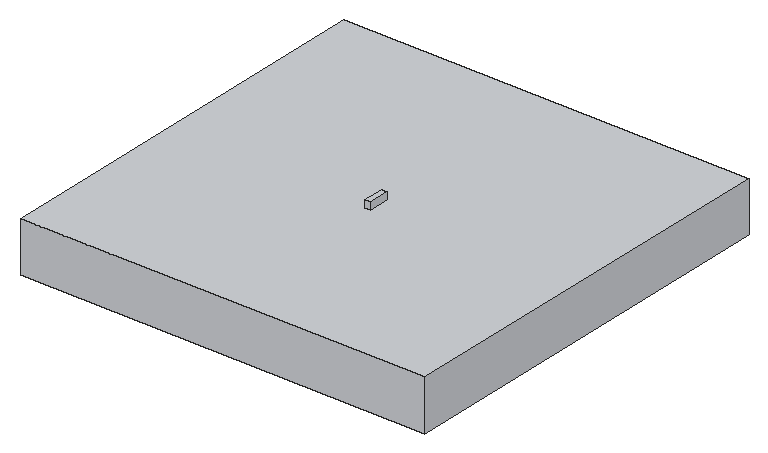
Revit family "M_Trava elétrica", category Dispositivos de segurança, Revit 2019
Family settings
  Hospedeiro = Face
  Manter orientação da anotação = Sim
  Cota do conector redondo = Utilizar diâmetro
  Tipo de parte = Normal
  Número OmniClass = 23.85.30.11.11
  Título OmniClass = Access Control and Counting Systems
  ID de item do Seek = Electric Lock-0000-CAN-ENU
  Corte com vazios quando carregada = Não
  Compartilhado = Não
  Ponto de cálculo do ambiente = Não
Parameters (values of type "Padrão")
  Legenda = "DL"
  Elevação-padrão = 1200 mm
  Largura = 124 mm
  Material = none
  Comprimento = 32 mm
  Altura = 41 mm
Reference planes
  plane 1 "Centro (Frente/Trás)": y = 0
  plane 2: z = 0
  plane 3 "Centro (Esquerda/Direita)": x = 0
  plane 4: y = -124
  plane 5: x = -16
  plane 6: x = 16
  plane 7: z = 41
Forms (mm)
  Extrusion 1, solid
    sketch origin (0, 0, 0) x (1, 0, 0) y (0, 1, 0)
      loop
        line (-1219.2, 1219.2) -> (-1219.2, -1219.2) -> (1219.2, -1219.2) -> (1219.2, 1219.2) -> (-1219.2, 1219.2)
    from 0 to -304.8
  Extrusion 2, solid, material <- "Material"
    sketch origin (0, 0, 0) x (1, 0, 0) y (0, 1, 0)
      loop
        line (-16, 0) -> (-16, -124) -> (16, -124) -> (16, 0) -> (-16, 0)
    from 0 to 41
Lines and regions (mm)
  symbolic lines, detail levels fine
    curve 1: line (16, 0, 41) -> (-16, 0, 41)
    curve 2: line (-16, 0, 41) -> (-16, 0, 0)
    curve 3: line (16, 0, 0) -> (16, 0, 41)
    curve 4: line (16, 0, 0) -> (-16, 0, 0)
Dimensions and locks
  equal spacing: plane 5, plane 3 "Centro (Esquerda/Direita)", plane 6
  "Comprimento": plane 5 to plane 6
  "Largura": plane 1 "Centro (Frente/Trás)" to plane 4
  "Altura": plane 7 to plane 2
  aligned and locked: plane 2 to Extrusion 1
  aligned and locked: level to Extrusion 1
  aligned and locked: plane 5 to Extrusion 2 sketch curve
  aligned and locked: plane 1 "Centro (Frente/Trás)" to Extrusion 2 sketch curve
  aligned and locked: plane 4 to Extrusion 2 sketch curve
  aligned and locked: Extrusion 2 sketch curve to plane 6
  aligned and locked: Extrusion 2 to plane 2
  aligned and locked: plane 7 to Extrusion 2
  aligned and locked: curve 1 to Extrusion 2
  aligned and locked: curve 2 to Extrusion 2
  aligned and locked: curve 3 to Extrusion 2
  aligned and locked: curve 4 to Extrusion 2
  aligned and locked: plane 1 "Centro (Frente/Trás)" to nested 1
  aligned and locked: plane 3 "Centro (Esquerda/Direita)" to nested 1
Automatic sketch dimensions
  Extrusion 1 sketch curve to Extrusion 1 sketch curve = 2438.4 mm  (x2)
Nested families
  nested 1: "M_Anotação da trava elétrica" at (0, 0, 0), type "Anotação da trava elétrica", detail levels coarse+medium
Connectors
  electrical at (0, -62, 0)
    settings: on Extrusion 2, index 1, voltage 0 V, apparent load 0 VA, apparent load phase1 0 VA, apparent load phase2 0 VA, apparent load phase3 0 VA, power factor 1, load classification "Outros", number of poles 1, system type 10, power factor state 1, is connector primary yes, connector utility no, sub classification motor no, connector description ""
Definition of nested family "M_Anotação da trava elétrica"
  Parameters
    Anotação de legenda = "DL"
  Reference planes
    plane 1: y = 0
    plane 2: x = 0
  Lines and regions (mm)
    reference lines
      curve 1: line (-10.133, 4.763, 0) -> (27.201, 4.763, 0)
      curve 2: line (-2.381, 6.601, 0) -> (-2.381, -3.326, 0)
      curve 3: line (2.381, 7.392, 0) -> (2.381, -4.621, 0)
    detail lines
      curve 4: line (-2.381, 4.763, 0) -> (2.381, 4.763, 0)
      curve 5: line (-2.381, 0, 0) -> (-2.381, 4.763, 0)
      curve 6: line (2.381, 0, 0) -> (-2.381, 0, 0)
      curve 7: line (2.381, 4.763, 0) -> (2.381, 0, 0)
  Text (mm)
    label "DL" at (-2.146, 2.065, 0), shows "Anotação de legenda"
  Dimensions and locks
    locked: plane 1 to curve 1 at 4.763
    locked: curve 2 to plane 2 at 2.381
    locked: plane 2 to curve 3 at 2.381
    aligned and locked: curve 1 to curve 4
    aligned and locked: curve 3 to curve 7
    aligned and locked: curve 6 to plane 1
    aligned and locked: curve 5 to curve 2
